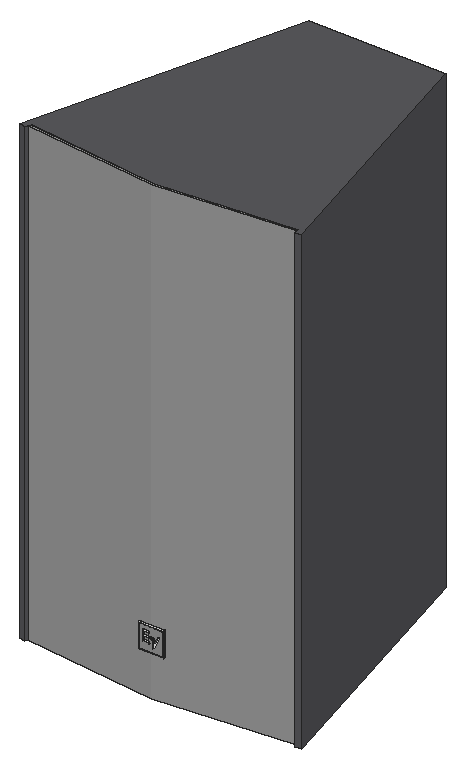
Revit family "EVF-1151S ", category Communication Devices, Revit 2017 (continued)
Definition of nested family "InputPanelV"
  Lines and regions (mm)
    model lines
      curve 862: line (-0.014, -4.337, 80.818) -> (-0.014, -4.337, 82.936)
      curve 863: line (-0.014, -4.337, 82.936) -> (-0.303, -4.337, 82.936)
      curve 864: line (-0.303, -4.337, 82.936) -> (-0.303, -4.337, 83.627)
      curve 865: line (24.922, -4.337, 83.63) -> (24.922, -4.337, 82.939)
      curve 866: line (24.922, -4.337, 82.939) -> (24.635, -4.337, 82.939)
      curve 867: line (24.635, -4.337, 82.939) -> (24.635, -4.337, 80.821)
      curve 868: line (24.635, -4.337, 80.821) -> (24.923, -4.337, 80.821)
      curve 869: line (24.923, -4.337, 80.821) -> (24.922, -4.337, 82.939)
      curve 870: line (2.646, -4.337, 82.333) -> (4.834, -4.337, 84.126)
      curve 871: line (4.834, -4.337, 84.126) -> (5.167, -4.337, 83.635)
      curve 872: line (8.952, -4.337, 82.333) -> (11.141, -4.337, 84.127)
      curve 873: line (11.141, -4.337, 84.127) -> (11.473, -4.337, 83.636)
      curve 874: line (2.391, -4.337, 82.36) -> (4.343, -4.337, 83.959)
      curve 875: line (4.343, -4.337, 83.959) -> (4.343, -4.337, 84.529)
      curve 876: line (4.343, -4.337, 84.529) -> (1.855, -4.337, 82.491)
      curve 877: line (8.697, -4.337, 82.36) -> (10.649, -4.337, 83.96)
      curve 878: line (10.649, -4.337, 83.96) -> (10.649, -4.337, 84.529)
      curve 879: line (10.649, -4.337, 84.529) -> (8.162, -4.337, 82.491)
      curve 880: line (15.004, -4.337, 82.361) -> (16.955, -4.337, 83.961)
      curve 881: line (16.955, -4.337, 83.961) -> (16.955, -4.337, 84.53)
      curve 882: line (16.955, -4.337, 84.53) -> (14.468, -4.337, 82.492)
      curve 883: line (15.258, -4.337, 82.334) -> (17.447, -4.337, 84.128)
      curve 884: line (17.447, -4.337, 84.128) -> (17.779, -4.337, 83.637)
      curve 885: line (21.565, -4.337, 82.335) -> (23.753, -4.337, 84.128)
      curve 886: line (23.753, -4.337, 84.128) -> (24.086, -4.337, 83.637)
      curve 887: line (21.31, -4.337, 82.362) -> (23.262, -4.337, 83.961)
      curve 888: line (23.262, -4.337, 83.961) -> (23.262, -4.337, 84.531)
      curve 889: line (23.262, -4.337, 84.531) -> (20.774, -4.337, 82.493)
      curve 890: line (21.88, -4.337, 79.397) -> (24.923, -4.337, 79.398)
      curve 891: line (24.923, -4.337, 79.398) -> (24.924, -4.337, 73.974)
      curve 892: line (24.924, -4.337, 73.974) -> (-0.302, -4.337, 73.971)
      curve 893: line (-0.302, -4.337, 73.971) -> (-0.302, -4.337, 79.395)
      curve 894: line (24.923, -4.337, 80.821) -> (24.923, -4.337, 79.398)
      curve 895: line (24.924, -4.337, 73.974) -> (24.924, -4.337, 73.648)
      curve 896: line (24.924, -4.337, 73.648) -> (-0.302, -4.337, 73.645)
      curve 897: line (-0.302, -4.337, 73.645) -> (-0.302, -4.337, 73.971)
      curve 898: line (-0.302, -4.337, 73.971) -> (-0.429, -4.337, 73.842)
      curve 899: line (-0.429, -4.337, 73.842) -> (-0.607, -4.337, 73.72)
      curve 900: line (6.303, -4.337, 73.19) -> (11.814, -4.337, 73.191)
      curve 901: line (11.814, -4.337, 73.191) -> (11.815, -4.337, 68.976)
      curve 902: line (11.815, -4.337, 68.976) -> (6.303, -4.337, 68.975)
      curve 903: line (6.303, -4.337, 68.975) -> (6.303, -4.337, 73.19)
      curve 904: line (5.707, -4.337, 68.975) -> (0.195, -4.337, 68.974)
      curve 905: line (0.195, -4.337, 68.974) -> (0.195, -4.337, 73.19)
      curve 906: line (0.195, -4.337, 73.19) -> (5.707, -4.337, 73.19)
      curve 907: line (5.707, -4.337, 73.19) -> (5.707, -4.337, 68.975)
      curve 908: line (-0.302, -4.337, 73.645) -> (-0.301, -4.337, 68.519)
      curve 909: line (-0.301, -4.337, 68.519) -> (24.924, -4.337, 68.522)
      curve 910: line (24.924, -4.337, 68.522) -> (24.924, -4.337, 73.648)
      curve 911: line (18.915, -4.337, 73.192) -> (24.427, -4.337, 73.193)
      curve 912: line (24.427, -4.337, 73.193) -> (24.428, -4.337, 68.977)
      curve 913: line (24.428, -4.337, 68.977) -> (18.916, -4.337, 68.977)
      curve 914: line (18.916, -4.337, 68.977) -> (18.915, -4.337, 73.192)
      curve 915: line (18.32, -4.337, 68.977) -> (12.808, -4.337, 68.976)
      curve 916: line (12.808, -4.337, 68.976) -> (12.808, -4.337, 73.191)
      curve 917: line (12.808, -4.337, 73.191) -> (18.319, -4.337, 73.192)
      curve 918: line (18.319, -4.337, 73.192) -> (18.32, -4.337, 68.977)
      curve 919: line (20.082, -4.337, 73.192) -> (20.082, -4.337, 71.784)
      curve 920: line (20.082, -4.337, 71.784) -> (19.394, -4.337, 71.458)
      curve 921: line (19.394, -4.337, 71.458) -> (18.916, -4.337, 71.073)
      curve 922: line (7.47, -4.337, 73.19) -> (7.47, -4.337, 71.782)
      curve 923: line (7.47, -4.337, 71.782) -> (6.782, -4.337, 71.456)
      curve 924: line (6.782, -4.337, 71.456) -> (6.303, -4.337, 71.071)
      curve 925: line (17.152, -4.337, 73.192) -> (17.153, -4.337, 71.783)
      curve 926: line (17.153, -4.337, 71.783) -> (17.841, -4.337, 71.458)
      curve 927: line (17.841, -4.337, 71.458) -> (18.32, -4.337, 71.073)
      curve 928: line (4.54, -4.337, 73.19) -> (4.54, -4.337, 71.782)
      curve 929: line (4.54, -4.337, 71.782) -> (5.228, -4.337, 71.456)
      curve 930: line (5.228, -4.337, 71.456) -> (5.707, -4.337, 71.071)
      curve 931: line (1.163, -4.337, 73.19) -> (1.163, -4.337, 71.781)
      curve 932: line (1.163, -4.337, 71.781) -> (0.475, -4.337, 71.456)
      curve 933: line (0.475, -4.337, 71.456) -> (0.195, -4.337, 71.23)
      curve 934: line (13.776, -4.337, 73.191) -> (13.776, -4.337, 71.783)
      curve 935: line (13.776, -4.337, 71.783) -> (13.088, -4.337, 71.457)
      curve 936: line (13.088, -4.337, 71.457) -> (12.808, -4.337, 71.232)
      curve 937: line (10.846, -4.337, 73.191) -> (10.846, -4.337, 71.782)
      curve 938: line (10.846, -4.337, 71.782) -> (11.534, -4.337, 71.457)
      curve 939: line (11.815, -4.337, 71.232) -> (11.534, -4.337, 71.457)
      curve 940: line (11.534, -4.337, 71.457) -> (6.782, -4.337, 71.456)
      curve 941: line (23.459, -4.337, 73.192) -> (23.459, -4.337, 71.784)
      curve 942: line (23.459, -4.337, 71.784) -> (24.147, -4.337, 71.459)
      curve 943: line (24.147, -4.337, 71.459) -> (19.394, -4.337, 71.458)
      curve 944: line (24.427, -4.337, 71.233) -> (24.147, -4.337, 71.459)
      curve 945: line (4.54, -4.337, 71.782) -> (1.163, -4.337, 71.781)
      curve 946: line (17.153, -4.337, 71.783) -> (13.776, -4.337, 71.783)
      curve 947: line (7.47, -4.337, 71.782) -> (10.846, -4.337, 71.782)
      curve 948: line (20.082, -4.337, 71.784) -> (23.459, -4.337, 71.784)
      curve 949: line (-0.868, -4.337, 73.72) -> (-0.867, -4.337, 70.587)
      curve 950: line (-0.867, -4.337, 70.587) -> (-0.606, -4.337, 70.587)
      curve 951: line (-0.606, -4.337, 70.587) -> (-0.607, -4.337, 73.72)
      curve 952: line (-0.607, -4.337, 73.72) -> (-0.868, -4.337, 73.72)
      curve 953: line (-0.868, -4.337, 73.72) -> (-0.868, -4.337, 74.301)
      curve 954: line (-0.868, -4.337, 74.301) -> (-0.607, -4.337, 74.301)
      curve 955: line (-0.607, -4.337, 74.301) -> (-0.302, -4.337, 74.179)
      curve 956: line (-0.429, -4.337, 73.842) -> (-0.429, -4.337, 70.709)
      curve 957: line (-0.429, -4.337, 70.709) -> (-0.606, -4.337, 70.587)
      curve 958: line (5.707, -4.337, 70.073) -> (0.195, -4.337, 70.073)
      curve 959: line (18.32, -4.337, 70.075) -> (12.808, -4.337, 70.074)
      curve 960: line (11.815, -4.337, 70.074) -> (6.303, -4.337, 70.073)
      curve 961: line (24.427, -4.337, 70.076) -> (18.916, -4.337, 70.075)
      curve 962: line (5.228, -4.337, 71.456) -> (0.475, -4.337, 71.456)
      curve 963: line (17.841, -4.337, 71.458) -> (13.088, -4.337, 71.457)
      curve 964: line (-0.607, -4.337, 80.716) -> (-0.869, -4.337, 80.716)
      curve 965: line (-0.869, -4.337, 80.716) -> (-0.869, -4.337, 81.297)
      curve 966: line (-0.869, -4.337, 81.297) -> (-0.608, -4.337, 81.297)
      curve 967: line (-0.608, -4.337, 81.297) -> (-0.43, -4.337, 81.175)
      curve 968: line (-0.869, -4.337, 80.716) -> (-0.868, -4.337, 77.583)
      curve 969: line (-0.868, -4.337, 77.583) -> (-0.607, -4.337, 77.584)
      curve 970: line (15.462, -4.337, 91.808) -> (14.474, -4.337, 91.647)
      curve 971: line (14.474, -4.337, 91.647) -> (13.636, -4.337, 91.189)
      curve 972: line (13.636, -4.337, 91.189) -> (13.076, -4.337, 90.502)
      curve 973: line (13.076, -4.337, 90.502) -> (12.88, -4.337, 89.693)
      curve 974: line (12.88, -4.337, 89.693) -> (13.077, -4.337, 88.883)
      curve 975: line (13.077, -4.337, 88.883) -> (13.637, -4.337, 88.197)
      curve 976: line (13.637, -4.337, 88.197) -> (14.474, -4.337, 87.739)
      curve 977: line (14.474, -4.337, 87.739) -> (15.462, -4.337, 87.578)
      curve 978: line (15.462, -4.337, 87.578) -> (16.451, -4.337, 87.739)
      curve 979: line (16.451, -4.337, 87.739) -> (17.288, -4.337, 88.198)
      curve 980: line (17.288, -4.337, 88.198) -> (17.848, -4.337, 88.884)
      curve 981: line (17.848, -4.337, 88.884) -> (18.044, -4.337, 89.694)
      curve 982: line (18.044, -4.337, 89.694) -> (17.848, -4.337, 90.503)
      curve 983: line (17.848, -4.337, 90.503) -> (17.288, -4.337, 91.189)
      curve 984: line (17.288, -4.337, 91.189) -> (16.457, -4.337, 91.644)
      curve 985: line (16.45, -4.337, 91.647) -> (15.462, -4.337, 91.932)
      curve 986: line (15.462, -4.337, 91.932) -> (15.462, -4.337, 92.623)
      curve 987: line (15.462, -4.337, 92.623) -> (15.462, -4.337, 94.741)
      curve 988: line (15.462, -4.337, 94.741) -> (21.686, -4.337, 94.74)
      curve 989: line (2.849, -4.337, 91.807) -> (1.861, -4.337, 91.646)
      curve 990: line (1.861, -4.337, 91.646) -> (1.024, -4.337, 91.187)
      curve 991: line (1.024, -4.337, 91.187) -> (0.464, -4.337, 90.501)
      curve 992: line (0.464, -4.337, 90.501) -> (0.267, -4.337, 89.691)
      curve 993: line (0.267, -4.337, 89.691) -> (0.464, -4.337, 88.882)
      curve 994: line (0.464, -4.337, 88.882) -> (1.024, -4.337, 88.196)
      curve 995: line (1.024, -4.337, 88.196) -> (1.862, -4.337, 87.737)
      curve 996: line (1.862, -4.337, 87.737) -> (2.85, -4.337, 87.577)
      curve 997: line (2.85, -4.337, 87.577) -> (3.838, -4.337, 87.738)
      curve 998: line (3.838, -4.337, 87.738) -> (4.676, -4.337, 88.196)
      curve 999: line (4.676, -4.337, 88.196) -> (5.235, -4.337, 88.883)
      curve 1000: line (5.235, -4.337, 88.883) -> (5.432, -4.337, 89.692)
      curve 1001: line (5.432, -4.337, 89.692) -> (5.235, -4.337, 90.501)
      curve 1002: line (5.235, -4.337, 90.501) -> (4.675, -4.337, 91.188)
      curve 1003: line (4.675, -4.337, 91.188) -> (3.844, -4.337, 91.642)
      curve 1004: line (3.837, -4.337, 91.646) -> (2.849, -4.337, 91.93)
      curve 1005: line (2.849, -4.337, 91.93) -> (2.849, -4.337, 92.622)
      curve 1006: line (2.849, -4.337, 92.622) -> (2.849, -4.337, 94.74)
      curve 1007: line (2.849, -4.337, 94.74) -> (9.074, -4.337, 94.739)
      curve 1008: line (21.768, -4.337, 91.809) -> (20.78, -4.337, 91.648)
      curve 1009: line (20.78, -4.337, 91.648) -> (19.942, -4.337, 91.189)
      curve 1010: line (19.942, -4.337, 91.189) -> (19.383, -4.337, 90.503)
      curve 1011: line (19.383, -4.337, 90.503) -> (19.186, -4.337, 89.694)
      curve 1012: line (19.186, -4.337, 89.694) -> (19.383, -4.337, 88.884)
      curve 1013: line (19.383, -4.337, 88.884) -> (19.943, -4.337, 88.198)
      curve 1014: line (19.943, -4.337, 88.198) -> (20.781, -4.337, 87.74)
      curve 1015: line (20.781, -4.337, 87.74) -> (21.769, -4.337, 87.579)
      curve 1016: line (21.769, -4.337, 87.579) -> (22.757, -4.337, 87.74)
      curve 1017: line (22.757, -4.337, 87.74) -> (23.594, -4.337, 88.199)
      curve 1018: line (23.594, -4.337, 88.199) -> (24.154, -4.337, 88.885)
      curve 1019: line (24.154, -4.337, 88.885) -> (24.351, -4.337, 89.694)
      curve 1020: line (24.351, -4.337, 89.694) -> (24.154, -4.337, 90.504)
      curve 1021: line (24.154, -4.337, 90.504) -> (23.594, -4.337, 91.19)
      curve 1022: line (23.594, -4.337, 91.19) -> (22.763, -4.337, 91.644)
      curve 1023: line (22.756, -4.337, 91.648) -> (21.768, -4.337, 91.932)
      curve 1024: line (21.768, -4.337, 91.932) -> (21.768, -4.337, 92.624)
      curve 1025: line (21.768, -4.337, 92.624) -> (21.768, -4.337, 94.741)
      curve 1026: line (21.768, -4.337, 94.741) -> (24.921, -4.337, 94.741)
      curve 1027: line (9.156, -4.337, 91.808) -> (8.167, -4.337, 91.646)
      curve 1028: line (8.167, -4.337, 91.646) -> (7.33, -4.337, 91.188)
      curve 1029: line (7.33, -4.337, 91.188) -> (6.77, -4.337, 90.502)
      curve 1030: line (6.77, -4.337, 90.502) -> (6.574, -4.337, 89.692)
      curve 1031: line (6.574, -4.337, 89.692) -> (6.77, -4.337, 88.883)
      curve 1032: line (6.77, -4.337, 88.883) -> (7.33, -4.337, 88.197)
      curve 1033: line (7.33, -4.337, 88.197) -> (8.168, -4.337, 87.738)
      curve 1034: line (8.168, -4.337, 87.738) -> (9.156, -4.337, 87.577)
      curve 1035: line (9.156, -4.337, 87.577) -> (10.144, -4.337, 87.738)
      curve 1036: line (10.144, -4.337, 87.738) -> (10.982, -4.337, 88.197)
      curve 1037: line (10.982, -4.337, 88.197) -> (11.542, -4.337, 88.883)
      curve 1038: line (11.542, -4.337, 88.883) -> (11.738, -4.337, 89.693)
      curve 1039: line (11.738, -4.337, 89.693) -> (11.541, -4.337, 90.502)
      curve 1040: line (11.541, -4.337, 90.502) -> (10.981, -4.337, 91.188)
      curve 1041: line (10.981, -4.337, 91.188) -> (10.151, -4.337, 91.643)
      curve 1042: line (10.144, -4.337, 91.647) -> (9.156, -4.337, 91.93)
      curve 1043: line (9.156, -4.337, 91.93) -> (9.155, -4.337, 92.622)
      curve 1044: line (9.155, -4.337, 92.622) -> (9.155, -4.337, 94.74)
      curve 1045: line (9.155, -4.337, 94.74) -> (15.351, -4.337, 94.739)
      curve 1046: line (-0.304, -4.337, 88.878) -> (-0.303, -4.337, 88.666)
      curve 1047: line (-0.303, -4.337, 88.666) -> (0.04, -4.337, 88.666)
      curve 1048: line (0.177, -4.337, 88.745) -> (0.303, -4.337, 88.878)
      curve 1049: line (0.303, -4.337, 88.878) -> (-0.304, -4.337, 88.878)
      curve 1050: line (-0.304, -4.337, 88.878) -> (-0.304, -4.337, 90.505)
      curve 1051: line (-0.304, -4.337, 90.505) -> (0.303, -4.337, 90.505)
      curve 1052: line (6.611, -4.337, 90.506) -> (5.396, -4.337, 90.505)
      curve 1053: line (12.916, -4.337, 90.506) -> (11.701, -4.337, 90.506)
      curve 1054: line (19.223, -4.337, 90.507) -> (18.008, -4.337, 90.507)
      curve 1055: line (24.922, -4.337, 88.881) -> (24.922, -4.337, 88.669)
      curve 1056: line (24.922, -4.337, 88.669) -> (24.556, -4.337, 88.669)
      curve 1057: line (24.44, -4.337, 88.748) -> (24.314, -4.337, 88.881)
      curve 1058: line (24.314, -4.337, 88.881) -> (24.922, -4.337, 88.881)
      curve 1059: line (24.922, -4.337, 88.881) -> (24.922, -4.337, 90.508)
      curve 1060: line (24.922, -4.337, 90.508) -> (24.314, -4.337, 90.508)
      curve 1061: line (18.96, -4.337, 88.668) -> (18.281, -4.337, 88.672)
      curve 1062: line (18.135, -4.337, 88.747) -> (18.008, -4.337, 88.88)
      curve 1063: line (18.008, -4.337, 88.88) -> (19.223, -4.337, 88.88)
      curve 1064: line (19.223, -4.337, 88.88) -> (19.097, -4.337, 88.747)
      curve 1065: line (12.916, -4.337, 88.879) -> (11.701, -4.337, 88.879)
      curve 1066: line (11.701, -4.337, 88.879) -> (11.827, -4.337, 88.746)
      curve 1067: line (11.943, -4.337, 88.668) -> (12.652, -4.337, 88.668)
      curve 1068: line (12.79, -4.337, 88.746) -> (12.916, -4.337, 88.879)
      curve 1069: line (6.347, -4.337, 88.667) -> (5.669, -4.337, 88.67)
      curve 1070: line (5.522, -4.337, 88.745) -> (5.396, -4.337, 88.878)
      curve 1071: line (5.396, -4.337, 88.878) -> (6.611, -4.337, 88.879)
      curve 1072: line (6.611, -4.337, 88.879) -> (6.485, -4.337, 88.745)
      curve 1073: line (12.02, -4.337, 93.315) -> (12.02, -4.337, 91.198)
      curve 1074: line (12.02, -4.337, 91.198) -> (12.597, -4.337, 91.198)
      curve 1075: line (12.597, -4.337, 91.198) -> (12.596, -4.337, 93.315)
      curve 1076: line (12.596, -4.337, 93.315) -> (12.02, -4.337, 93.315)
      curve 1077: line (18.327, -4.337, 93.316) -> (18.904, -4.337, 93.316)
      curve 1078: line (18.904, -4.337, 93.316) -> (18.904, -4.337, 91.199)
      curve 1079: line (18.904, -4.337, 91.199) -> (18.327, -4.337, 91.199)
      curve 1080: line (18.327, -4.337, 91.199) -> (18.327, -4.337, 93.316)
      curve 1081: line (5.715, -4.337, 93.315) -> (6.291, -4.337, 93.315)
      curve 1082: line (6.291, -4.337, 93.315) -> (6.291, -4.337, 91.197)
      curve 1083: line (6.291, -4.337, 91.197) -> (5.715, -4.337, 91.197)
      curve 1084: line (5.715, -4.337, 91.197) -> (5.715, -4.337, 93.315)
      curve 1085: line (24.921, -4.337, 91.199) -> (24.921, -4.337, 93.317)
      curve 1086: line (24.921, -4.337, 93.317) -> (24.632, -4.337, 93.317)
      curve 1087: line (24.632, -4.337, 93.317) -> (24.633, -4.337, 91.199)
      curve 1088: line (24.633, -4.337, 91.199) -> (24.921, -4.337, 91.199)
      curve 1089: line (24.921, -4.337, 91.199) -> (24.922, -4.337, 90.508)
      curve 1090: line (-0.304, -4.337, 90.505) -> (-0.304, -4.337, 91.196)
      curve 1091: line (-0.304, -4.337, 91.196) -> (-0.016, -4.337, 91.196)
      curve 1092: line (-0.016, -4.337, 91.196) -> (-0.016, -4.337, 93.314)
      curve 1093: line (-0.016, -4.337, 93.314) -> (-0.304, -4.337, 93.314)
      curve 1094: line (-0.304, -4.337, 93.314) -> (-0.304, -4.337, 91.196)
      curve 1095: line (15.667, -4.337, 91.802) -> (13.478, -4.337, 90.008)
      curve 1096: line (13.478, -4.337, 90.008) -> (13.145, -4.337, 90.499)
      curve 1097: line (21.973, -4.337, 91.802) -> (19.784, -4.337, 90.009)
      curve 1098: line (19.784, -4.337, 90.009) -> (19.452, -4.337, 90.5)
      curve 1099: line (15.921, -4.337, 91.775) -> (13.97, -4.337, 90.175)
      curve 1100: line (13.97, -4.337, 90.175) -> (13.97, -4.337, 89.606)
      curve 1101: line (13.97, -4.337, 89.606) -> (16.457, -4.337, 91.644)
      curve 1102: line (22.228, -4.337, 91.775) -> (20.276, -4.337, 90.176)
      curve 1103: line (20.276, -4.337, 90.176) -> (20.276, -4.337, 89.607)
      curve 1104: line (20.276, -4.337, 89.607) -> (22.763, -4.337, 91.644)
      curve 1105: line (9.36, -4.337, 91.801) -> (7.172, -4.337, 90.008)
      curve 1106: line (7.172, -4.337, 90.008) -> (6.839, -4.337, 90.499)
      curve 1107: line (3.054, -4.337, 91.8) -> (0.865, -4.337, 90.007)
      curve 1108: line (0.865, -4.337, 90.007) -> (0.533, -4.337, 90.498)
      curve 1109: line (3.309, -4.337, 91.773) -> (1.357, -4.337, 90.174)
      curve 1110: line (1.357, -4.337, 90.174) -> (1.357, -4.337, 89.604)
      curve 1111: line (1.357, -4.337, 89.604) -> (3.844, -4.337, 91.642)
      curve 1112: line (9.615, -4.337, 91.774) -> (7.663, -4.337, 90.175)
      curve 1113: line (7.663, -4.337, 90.175) -> (7.663, -4.337, 89.605)
      curve 1114: line (7.663, -4.337, 89.605) -> (10.151, -4.337, 91.643)
      curve 1115: line (2.738, -4.337, 94.738) -> (-0.304, -4.337, 94.737)
      curve 1116: line (-0.304, -4.337, 94.737) -> (-0.305, -4.337, 100.161)
      curve 1117: line (-0.305, -4.337, 100.161) -> (24.92, -4.337, 100.165)
      curve 1118: line (24.92, -4.337, 100.165) -> (24.921, -4.337, 94.741)
      curve 1119: line (24.921, -4.337, 94.741) -> (24.921, -4.337, 93.317)
      curve 1120: line (24.921, -4.337, 93.317) -> (25.049, -4.337, 96.43)
      curve 1121: line (25.049, -4.337, 96.43) -> (25.226, -4.337, 96.552)
      curve 1122: line (-0.304, -4.337, 93.314) -> (-0.304, -4.337, 94.737)
      curve 1123: line (18.316, -4.337, 100.945) -> (12.804, -4.337, 100.944)
      curve 1124: line (12.804, -4.337, 100.944) -> (12.804, -4.337, 105.159)
      curve 1125: line (12.804, -4.337, 105.159) -> (18.315, -4.337, 105.16)
      curve 1126: line (18.315, -4.337, 105.16) -> (18.316, -4.337, 100.945)
      curve 1127: line (18.911, -4.337, 105.16) -> (24.423, -4.337, 105.161)
      curve 1128: line (24.423, -4.337, 105.161) -> (24.424, -4.337, 100.946)
      curve 1129: line (24.424, -4.337, 100.946) -> (18.912, -4.337, 100.945)
      curve 1130: line (18.912, -4.337, 100.945) -> (18.911, -4.337, 105.16)
      curve 1131: line (-0.305, -4.337, 100.487) -> (24.92, -4.337, 100.49)
      curve 1132: line (24.92, -4.337, 100.49) -> (24.92, -4.337, 105.617)
      curve 1133: line (24.92, -4.337, 105.617) -> (-0.306, -4.337, 105.614)
      curve 1134: line (-0.306, -4.337, 105.614) -> (-0.305, -4.337, 100.487)
      curve 1135: line (-0.305, -4.337, 100.487) -> (-0.305, -4.337, 100.161)
      curve 1136: line (5.703, -4.337, 100.943) -> (0.192, -4.337, 100.943)
      curve 1137: line (0.192, -4.337, 100.943) -> (0.191, -4.337, 105.158)
      curve 1138: line (0.191, -4.337, 105.158) -> (5.703, -4.337, 105.159)
      curve 1139: line (5.703, -4.337, 105.159) -> (5.703, -4.337, 100.943)
      curve 1140: line (6.299, -4.337, 105.159) -> (11.811, -4.337, 105.159)
      curve 1141: line (11.811, -4.337, 105.159) -> (11.811, -4.337, 100.944)
      curve 1142: line (11.811, -4.337, 100.944) -> (6.299, -4.337, 100.943)
      curve 1143: line (6.299, -4.337, 100.943) -> (6.299, -4.337, 105.159)
      curve 1144: line (24.92, -4.337, 100.49) -> (24.92, -4.337, 100.165)
      curve 1145: line (24.92, -4.337, 100.165) -> (25.048, -4.337, 103.426)
      curve 1146: line (25.048, -4.337, 103.426) -> (25.225, -4.337, 103.548)
      curve 1147: line (25.225, -4.337, 103.548) -> (25.225, -4.337, 100.415)
      curve 1148: line (25.225, -4.337, 100.415) -> (25.048, -4.337, 100.293)
      curve 1149: line (17.149, -4.337, 100.945) -> (17.149, -4.337, 102.353)
      curve 1150: line (17.149, -4.337, 102.353) -> (17.837, -4.337, 102.679)
      curve 1151: line (17.837, -4.337, 102.679) -> (18.316, -4.337, 103.064)
      curve 1152: line (4.536, -4.337, 100.943) -> (4.536, -4.337, 102.352)
      curve 1153: line (4.536, -4.337, 102.352) -> (5.224, -4.337, 102.677)
      curve 1154: line (5.224, -4.337, 102.677) -> (5.703, -4.337, 103.062)
      curve 1155: line (7.466, -4.337, 100.944) -> (7.466, -4.337, 102.352)
      curve 1156: line (7.466, -4.337, 102.352) -> (6.778, -4.337, 102.677)
      curve 1157: line (6.778, -4.337, 102.677) -> (6.299, -4.337, 103.062)
      curve 1158: line (20.079, -4.337, 100.945) -> (20.079, -4.337, 102.354)
      curve 1159: line (20.079, -4.337, 102.354) -> (19.391, -4.337, 102.679)
      curve 1160: line (19.391, -4.337, 102.679) -> (18.912, -4.337, 103.064)
      curve 1161: line (10.843, -4.337, 100.944) -> (10.843, -4.337, 102.352)
      curve 1162: line (10.843, -4.337, 102.352) -> (11.531, -4.337, 102.678)
      curve 1163: line (11.531, -4.337, 102.678) -> (11.811, -4.337, 102.903)
      curve 1164: line (23.455, -4.337, 100.945) -> (23.455, -4.337, 102.354)
      curve 1165: line (23.455, -4.337, 102.354) -> (24.143, -4.337, 102.679)
      curve 1166: line (24.143, -4.337, 102.679) -> (24.423, -4.337, 102.905)
      curve 1167: line (13.772, -4.337, 100.944) -> (13.772, -4.337, 102.353)
      curve 1168: line (13.772, -4.337, 102.353) -> (13.084, -4.337, 102.678)
      curve 1169: line (12.804, -4.337, 102.903) -> (13.084, -4.337, 102.678)
      curve 1170: line (13.084, -4.337, 102.678) -> (17.837, -4.337, 102.679)
      curve 1171: line (1.16, -4.337, 100.943) -> (1.16, -4.337, 102.351)
      curve 1172: line (1.16, -4.337, 102.351) -> (0.472, -4.337, 102.677)
      curve 1173: line (0.472, -4.337, 102.677) -> (5.224, -4.337, 102.677)
      curve 1174: line (0.191, -4.337, 102.902) -> (0.472, -4.337, 102.677)
      curve 1175: line (7.466, -4.337, 102.352) -> (10.843, -4.337, 102.352)
      curve 1176: line (20.079, -4.337, 102.354) -> (23.455, -4.337, 102.354)
      curve 1177: line (4.536, -4.337, 102.352) -> (1.16, -4.337, 102.351)
      curve 1178: line (17.149, -4.337, 102.353) -> (13.772, -4.337, 102.353)
      curve 1179: line (25.225, -4.337, 100.415) -> (25.486, -4.337, 100.415)
      curve 1180: line (25.486, -4.337, 100.415) -> (25.486, -4.337, 103.548)
      curve 1181: line (25.486, -4.337, 103.548) -> (25.225, -4.337, 103.548)
      curve 1182: line (25.486, -4.337, 100.415) -> (25.486, -4.337, 99.834)
      curve 1183: line (25.486, -4.337, 99.834) -> (25.225, -4.337, 99.834)
      curve 1184: line (25.225, -4.337, 99.834) -> (25.048, -4.337, 99.956)
      curve 1185: line (18.911, -4.337, 104.062) -> (24.423, -4.337, 104.063)
      curve 1186: line (6.299, -4.337, 104.06) -> (11.811, -4.337, 104.061)
      curve 1187: line (0.191, -4.337, 104.06) -> (5.703, -4.337, 104.06)
      curve 1188: line (12.804, -4.337, 104.061) -> (18.316, -4.337, 104.062)
      curve 1189: line (6.778, -4.337, 102.677) -> (11.531, -4.337, 102.678)
      curve 1190: line (19.391, -4.337, 102.679) -> (24.143, -4.337, 102.679)
      curve 1191: line (25.226, -4.337, 93.419) -> (25.049, -4.337, 93.297)
      curve 1192: line (25.487, -4.337, 93.419) -> (25.226, -4.337, 93.419)
      curve 1193: line (25.226, -4.337, 93.419) -> (25.226, -4.337, 96.552)
      curve 1194: line (25.226, -4.337, 96.552) -> (25.487, -4.337, 96.552)
      curve 1195: line (25.487, -4.337, 96.552) -> (25.487, -4.337, 93.419)
      curve 1196: line (25.487, -4.337, 93.419) -> (25.487, -4.337, 92.838)
      curve 1197: line (25.487, -4.337, 92.838) -> (25.226, -4.337, 92.838)
      curve 1198: line (25.226, -4.337, 92.838) -> (25.049, -4.337, 92.96)
      curve 1199: line (-0.104, -4.337, 67.336) -> (24.727, -4.337, 67.339)
      curve 1200: line (24.672, -4.337, 67.394) -> (-0.049, -4.337, 67.391)
      curve 1201: line (25.736, -4.337, 68.348) -> (25.731, -4.337, 105.791)
      curve 1202: line (25.676, -4.337, 105.736) -> (25.681, -4.337, 68.403)
      curve 1203: line (24.722, -4.337, 106.8) -> (-0.109, -4.337, 106.797)
      curve 1204: line (-0.106, -4.337, 106.797) -> (24.667, -4.337, 106.745)
      curve 1205: line (-1.117, -4.337, 105.788) -> (-1.113, -4.337, 68.344)
      curve 1206: line (-1.058, -4.337, 68.399) -> (-1.062, -4.337, 105.733)
      curve 1207: line (9.156, -4.337, 84.938) -> (9.156, -4.337, 86.557)
      curve 1208: line (9.156, -4.337, 86.557) -> (9.156, -4.337, 86.891)
      curve 1209: line (2.85, -4.337, 84.937) -> (2.85, -4.337, 86.556)
      curve 1210: line (2.85, -4.337, 86.556) -> (2.85, -4.337, 86.889)
      curve 1211: line (15.463, -4.337, 84.938) -> (15.463, -4.337, 86.558)
      curve 1212: line (15.463, -4.337, 86.558) -> (15.462, -4.337, 86.891)
      curve 1213: line (21.769, -4.337, 84.939) -> (21.769, -4.337, 86.559)
      curve 1214: line (21.769, -4.337, 86.559) -> (21.769, -4.337, 86.892)
      curve 1215: line (15.462, -4.337, 89.197) -> (15.462, -4.337, 87.578)
      curve 1216: line (15.462, -4.337, 87.578) -> (15.462, -4.337, 87.244)
      curve 1217: line (21.769, -4.337, 89.198) -> (21.769, -4.337, 87.579)
      curve 1218: line (21.769, -4.337, 87.579) -> (21.769, -4.337, 87.246)
      curve 1219: line (9.156, -4.337, 89.197) -> (9.156, -4.337, 87.577)
      curve 1220: line (9.156, -4.337, 87.577) -> (9.156, -4.337, 87.244)
      curve 1221: line (2.85, -4.337, 89.196) -> (2.85, -4.337, 87.577)
      curve 1222: line (2.85, -4.337, 87.577) -> (2.85, -4.337, 87.243)
Definition of nested family "L-EV"
  Parameters (values of type "L-EV")
    Material = ""
    Default Elevation = 1219.20 mm
  Reference planes
    plane 1 "Center (Front/Back)": y = 0
    plane 2: z = 0
    plane 3 "Center (Left/Right)": x = 0
  Forms (mm)
    Extrusion 1, solid, not visible
      sketch origin (18.736, -0.5, -73.012) x (1, 0, 0) y (0, 0, 1)
        loop
          arc (-38.866, 94.012) -> (-39.481, 93.758) -> (-39.736, 93.143) r 0.869
          line (-39.736, 93.143) -> (-39.736, 52.882)
          arc (-39.736, 52.882) -> (-39.481, 52.267) -> (-38.866, 52.012) r 0.869
          line (-38.866, 52.012) -> (1.395, 52.012)
          arc (1.395, 52.012) -> (2.01, 52.267) -> (2.264, 52.882) r 0.869
          line (2.264, 52.882) -> (2.264, 93.143)
          arc (2.264, 93.143) -> (2.01, 93.758) -> (1.395, 94.012) r 0.869
          line (1.395, 94.012) -> (-38.866, 94.012)
      from 0 to -0.5
    Extrusion 2, solid, detail levels fine
      sketch origin (18.736, 4, -73.24) x (1, 0, 0) y (0, 0, 1)
        loop
          line (-37.736, 92.24) -> (-37.736, 54.24) -> (0.264, 54.24) -> (0.264, 92.24) -> (-37.736, 92.24)
        loop
          line (-33.659, 85.319) -> (-33.659, 66.596) -> (-21.783, 66.596) -> (-21.783, 70.665) -> (-29.2, 70.665) -> (-29.2, 73.924) -> (-21.783, 73.924) -> (-21.783, 77.992) -> (-29.2, 77.992) -> (-29.2, 81.251) -> (-21.783, 81.251) -> (-21.783, 85.319) -> (-33.659, 85.319)
        loop
          line (-20.026, 77.992) -> (-20.026, 73.924) -> (-17.153, 73.924) -> (-17.153, 59.688) -> (-12.74, 59.688) -> (-2.619, 82.277) -> (-7.421, 82.277) -> (-12.694, 70.408) -> (-12.694, 77.992) -> (-20.026, 77.992)
      from 4.5 to 5
    Extrusion 3, solid, detail levels medium+fine
      sketch origin (0, 0, 0) x (1, 0, 0) y (0, 0, 1)
        loop
          line (19.816, 21) -> (-19.816, 21)
          arc (-19.816, 21) -> (-20.653, 20.653) -> (-21, 19.816) r 1.184
          line (-21, 19.816) -> (-21, -19.816)
          arc (-21, -19.816) -> (-20.653, -20.653) -> (-19.816, -21) r 1.184
          line (-19.816, -21) -> (19.816, -21)
          arc (19.816, -21) -> (20.653, -20.653) -> (21, -19.816) r 1.184
          line (21, -19.816) -> (21, 19.816)
          arc (21, 19.816) -> (20.653, 20.653) -> (19.816, 21) r 1.184
      from -1 to 0.5
Types (6, lengths in mm): name | ModelNumber | MaterialRALColour | LoudspeakerMaterial | GrillMaterial | CTN
  EVF1151SBLB_Black_1X15_Subwoofer_System | "F.01U.272.550" | "RAL9004" | 13-plyWeather-resistantBirchEVCoat -RAL9004 | 16GA Powder-coatedGalvanneal - B | "EVF1151SBLB"
  EVF-1151S-FGB | "F.01U.139.625" | "RAL9004" | 13-plyWeather-resistantBirchEVCoat -RAL9004 | 16GA Powder-coatedGalvanneal - B | "EVF-1151S-FGB"
  EVF-1151S-FGW | "F.01U.139.626" | "RAL9010" | 13-plyWeather-resistantBirchEVCoat -RAL9010 | 16GA Powder-coatedGalvanneal - W | "EVF-1151S-FGW"
  EVF1151SPBLB_Black_Weatherized_1X15_Sub | "F.01U.272.552" | "RAL9004" | 13-plyWeather-resistantBirchEVCoat -RAL9004 | 16GA Powder-coatedGalvanneal - B | "EVF1151SPBLB"
  EVF1151SPWLB_White_Weatherized_1X15_Sub | "F.01U.272.553" | "RAL9010" | 13-plyWeather-resistantBirchEVCoat -RAL9010 | 16GA Powder-coatedGalvanneal - W | "EVF1151SPWLB"
  EVF1151SWLB_White_1X15_Subwoofer_System | "F.01U.272.551" | "RAL9010" | 13-plyWeather-resistantBirchEVCoat -RAL9010 | 16GA Powder-coatedGalvanneal - W | "EVF1151SWLB"
